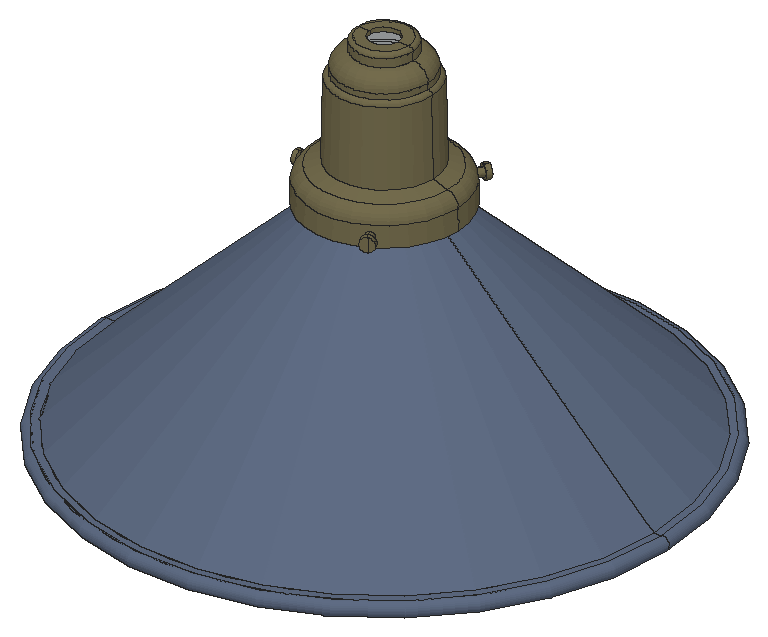
Revit family "S2H5 SHADE", category Lighting Fixtures, Revit 2024
Family settings
  Round Connector Dimension = Use Diameter
  Part Type = Normal
  OmniClass Number = 23.80.70.00
  OmniClass Title = Lighting
  Work Plane-Based = No
  Always vertical = Yes
  Cut with Voids When Loaded = No
  Light Source = Yes
  Maintain Annotation Orientation = No
  Shared = No
  Room Calculation Point = No
Parameters
  Wattage = 12.1178 W
  built-in parameter 1150110 = 1 (stored number, unit not read)
  built-in parameter 1114217 = 1 (stored number, unit not read)
  built-in parameter 1150109 = 1 (stored number, unit not read)
  built-in parameter 1150134 = (empty or 0)
  built-in parameter 1150113 = 1 (stored number, unit not read)
  Lumens = 1800 lm
  built-in parameter 1150115 = 1 (stored number, unit not read)
  built-in parameter 1150105 = 572.96 (stored number, unit not read)
  Light Source Symbol Size = 2' - 0"
  built-in parameter 1150137 = (empty or 0)
  built-in parameter 1150139 = (empty or 0)
  built-in parameter 1150112 = 1 (stored number, unit not read)
  built-in parameter 1150114 = 1 (stored number, unit not read)
  built-in parameter 1150132 = 2
  built-in parameter 1150102 = (empty or 0)
  built-in parameter 1150138 = (empty or 0)
  built-in parameter 1150107 = 3000 (stored number, unit not read)
  built-in parameter 1150106 = 5.7296 (stored number, unit not read)
  built-in parameter 1150104 = 13.8 (stored number, unit not read)
  Dimming Lamp Color Temperature Shift = (empty or 0)
  Default Elevation = 0' - 0"
  Color Filter = 16777215
  built-in parameter 1114218 = 1 (stored number, unit not read)
  built-in parameter 1150133 = 10 (stored number, unit not read)
Reference planes (in)
  plane 1 "Light Source Axis (F/B)": y = 0
  plane 2: z = 0
  plane 3 "Light Source Axis (L/R)": x = 0
  plane 4 "Light Source Elevation": z = 84
Forms (in)
  Revolve 1, solid
    sketch origin (0, 0, 1.49982) x (1, 0, 0) y (0, 0, 1)
      loop
        line (-0.25, 88.89486) -> (-0.43, 88.89486)
        arc (-0.43, 88.89486) -> (-0.4795, 88.87436) -> (-0.5, 88.82486) r 0.07
        line (-0.5, 88.82486) -> (-0.5, 88.68486)
        arc (-0.5, 88.68486) -> (-0.68708, 88.60737) -> (-0.76457, 88.42029) r 0.26457
        line (-0.76457, 88.42029) -> (-0.76457, 88.32449)
        arc (-0.76457, 88.32449) -> (-0.81932, 88.30181) -> (-0.842, 88.24706) r 0.07743
        line (-0.842, 88.24706) -> (-0.875, 86.96486) -> (-1.12093, 86.87535)
        arc (-1.12093, 86.87535) -> (-1.24281, 86.78351) -> (-1.2925, 86.6392) r 0.261
        line (-1.2925, 86.6392) -> (-1.30461, 86.29236) -> (-1.24207, 86.29236) -> (-1.23004, 86.63702)
        arc (-1.23004, 86.63702) -> (-1.19225, 86.74677) -> (-1.09955, 86.81662) r 0.1985
        line (-1.09955, 86.81662) -> (-0.81362, 86.92069) -> (-0.77952, 88.24546)
        arc (-0.77952, 88.24546) -> (-0.72476, 88.26814) -> (-0.70207, 88.3229) r 0.07745
        line (-0.70207, 88.3229) -> (-0.70207, 88.42029)
        arc (-0.70207, 88.42029) -> (-0.61875, 88.58379) -> (-0.4375, 88.61246) r 0.20207
        line (-0.4375, 88.61246) -> (-0.4375, 88.83236) -> (-0.25, 88.83236) -> (-0.25, 88.89486)
      axis (0, 88.89486) -> (0, 86.29236)
    angle from 0 to 360
  Revolve 2, solid
    sketch origin (0, 0, 1.49982) x (1, 0, 0) y (0, 0, 1)
      loop
        line (-1.54717, 86.46501) -> (-1.30016, 86.46501) -> (-1.30016, 86.53518) -> (-1.46388, 86.53518) -> (-1.46388, 86.58194) -> (-1.54717, 86.58194) -> (-1.54717, 86.46501)
      axis (-1.30016, 86.46501) -> (-1.54717, 86.46501)
    angle from 0 to 360
  Revolve 3, solid
    sketch origin (0, 0, 1.49982) x (-0.5, -0.866025, 0) y (0, 0, 1)
      loop
        line (-1.54717, 86.46501) -> (-1.30016, 86.46501) -> (-1.30016, 86.53518) -> (-1.46388, 86.53518) -> (-1.46388, 86.58194) -> (-1.54717, 86.58194) -> (-1.54717, 86.46501)
      axis (-1.30016, 86.46501) -> (-1.54717, 86.46501)
    angle from 0 to 360
  Revolve 4, solid
    sketch origin (0, 0, 1.49982) x (-0.5, 0.866025, 0) y (0, 0, 1)
      loop
        line (-1.54717, 86.46501) -> (-1.30016, 86.46501) -> (-1.30016, 86.53518) -> (-1.46388, 86.53518) -> (-1.46388, 86.58194) -> (-1.54717, 86.58194) -> (-1.54717, 86.46501)
      axis (-1.30016, 86.46501) -> (-1.54717, 86.46501)
    angle from 0 to 360
  Revolve 5, solid
    sketch origin (0, 0, 0) x (1, 0, 0) y (0, 0, 1)
      loop
        line (-0.94998, 87.79219) -> (-4.74122, 84.24982) -> (-4.875, 84.24982)
        arc (-4.875, 84.24982) -> (-4.96755, 84.04103) -> (-4.75069, 84.11267) r 0.12491
        line (-4.75069, 84.11267) -> (-0.81266, 87.79219) -> (-0.94998, 87.79219)
      axis (0, 87.79219) -> (0, 84.11267)
    angle from 0 to 360
Dimensions and locks (in)
  aligned and locked: plane 3 "Light Source Axis (L/R)" to imposter light
  aligned and locked: plane 1 "Light Source Axis (F/B)" to imposter light
  aligned and locked: plane 4 "Light Source Elevation" to imposter light
  aligned and locked: level to plane 2
